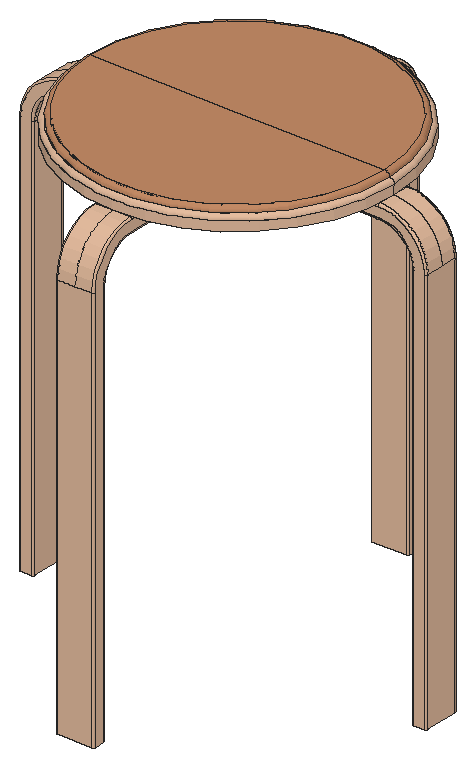
Revit family "Furniture_Stools_Sjobergs_Stool", category Furniture, Revit 2017
Family settings
  OmniClass Number = 23.40.20.14.14.11
  OmniClass Title = Chairs
  Work Plane-Based = No
  Always vertical = Yes
  Cut with Voids When Loaded = No
  Shared = No
  Room Calculation Point = No
Parameters (values of type "33520 Stool")
  Weight = "3.0 kg"
  WarrantyStartDate [instance] = "n/a"
  WarrantyGuarantorParts = "n/a"
  WarrantyGuarantorLabor = "n/a"
  WarrantyDurationUnit = "Year"
  WarrantyDurationParts = "n/a"
  WarrantyDurationLabor = "n/a"
  WarrantyDescription = "n/a"
  VersionDate = "26/06/2020"  # constant formula
  Version = "1"  # constant formula
  Uniclass2015Reference = "Pr_40_50_51_31"
  Uniclass2015Description = "Foot stools"
  Uniclass2 = "Pr_40_50_12_83"
  URL = "https://www.sjobergs.se/sortiment/skola_traslojd/5.php?id=520&cat=8&lang=se&artnr=33520"
  Type Comments = ""
  TagNumber [instance] = "n/a"
  SustainabilityPerformance = "n/a"
  Style = "n/a"
  Size = "430x430x500 mm"
  Shape = "Sculptured"
  SerialNumber [instance] = "n/a"
  SeatingHeight = NominalHeight  # 500 mm
  Revision = "n/a"
  ReplacementCost = "n/a"
  ProductInformation = "n/a"
  NominalLength = 430 mm
  NominalHeight = 500 mm
  NominalDepth = 430 mm
  Name = "Sjobergs_Stool"  # constant formula
  NBSReference = "45-35-20/365"
  NBSDescription = "Domestic chairs"
  ModelReference = "33520"
  ModelNumber = "n/a"
  Material = "Wood, cork."
  ManufacturerURL = "https://www.sjobergs.se/en/"
  ManufacturerName = "Sjöbergs"
  Model = "33520 Stool"
  Manufacturer = ManufacturerName  # "Sjöbergs"
  MainColor = "Wooden"
  LowestSeatingHeight = NominalHeight  # 500 mm
  InstallationDate [instance] = "n/a"
  IfcExportType = "CHAIR"  # constant formula
  IfcExportAs = "IfcFurnishingElementType"  # constant formula
  HighestSeatingHeight = NominalHeight  # 500 mm
  Grade = "n/a"
  Finish = "Solid varnished birch. Seat in cork."
  Features = "Stackable."
  ExpectedLife = "n/a"
  EANNumber = "7316703520107"
  DurationUnit = "Year"
  Cost = 0
  ConvergoRefNr = "0184-2005-0018-SE"  # constant formula
  Constituents = "n/a"
  Color = MainColor  # "Wooden"
  CodePerformance = "n/a"
  ChairSecondaryMaterial = Cork
  ChairMainMaterial = Beech
  Barcode [instance] = "n/a"
  AssetIdentifier [instance] = "n/a"
  Category = "School, woodwork"
  Brand = ManufacturerName  # "Sjöbergs"
  BIMObjectName = "Furniture_Stools_Sjobergs_Stool"  # constant formula
  Author = "Convergo AB"  # constant formula
  AssetType = "Movable"
  AccessibilityPerformance = "n/a"
Reference planes
  plane 1 "Center (Front/Back)": y = 0
  plane 2: z = 0
  plane 3 "Center (Left/Right)": x = 0
  plane 4: z = 500
  plane 5: x = -215
  plane 6: x = 215
  plane 7: y = 215
  plane 8: y = -215
Dimensions and locks
  "NominalHeight": plane 4 to level
  equal spacing: plane 5, plane 3 "Center (Left/Right)", plane 6
  "NominalLength": plane 5 to plane 6
  equal spacing: plane 7, plane 1 "Center (Front/Back)", plane 8
  "NominalDepth": plane 8 to plane 7
  aligned and locked: level to plane 2
Nested families
  nested 1: "33520 Stool" at (0, 0, 0), Main <- "ChairMainMaterial", Secondary <- "ChairSecondaryMaterial", type "33520 Stool"
    with Secondary Cork, Main Beech
Definition of nested family "33520 Stool"
  Parameters (values of type "33520 Stool")
    Secondary [instance] = none
    Main [instance] = none
  Reference planes
    plane 1 "Center (Front/Back)": y = 0
    plane 2: z = 0
    plane 3 "Center (Left/Right)": x = 0
    plane 4: x = -215
    plane 5: y = 215
    plane 6: z = 500
    plane 7: z = 480
    plane 8: x = 215
    plane 9: y = -215
  Forms (mm)
    Revolve 1, solid, material <- "Secondary", detail levels medium+fine
      sketch origin (0, 0, 0) x (1, 0, 0) y (0, 0, 1)
        loop
          line (0, 500) -> (-155, 500)
          arc (-155, 500) -> (-158.536, 498.536) -> (-160, 495) r 5
          line (-160, 495) -> (0, 495) -> (0, 500)
        axis (0, 495) -> (0, 500)
      angle from 0 to 360
    Revolve 2, solid, material <- "Main", detail levels medium+fine
      sketch origin (0, 0, 0) x (1, 0, 0) y (0, 0, 1)
        loop
          line (0, 495) -> (-160, 495)
          arc (-160, 495) -> (-163.536, 493.536) -> (-165, 490) r 5
          line (-165, 490) -> (-165, 480) -> (0, 480) -> (0, 495)
        axis (0, 480) -> (0, 495)
      angle from 0 to 360
    Sweep 3, solid, material <- "Main", detail levels medium+fine
      path origin (0, 0, 0) x (0, 1, 0) y (0, 0, -1)
        loop
          line (-215, 0) -> (-215, -430)
          arc (-215, -430) -> (-200.355, -465.355) -> (-165, -480) r 50
          line (-165, -480) -> (0, -480)
      profile origin (0, -215, 215) x (0, 1, 0) y (-1, 0, 0)
        loop
          line (0, 0) -> (0, -18)
          arc (0, -18) -> (0.586, -19.414) -> (2, -20) r 2
          line (2, -20) -> (13, -20)
          arc (13, -20) -> (14.414, -19.414) -> (15, -18) r 2
          line (15, -18) -> (15, 17.973)
          arc (15, 17.973) -> (14.406, 19.406) -> (12.973, 20) r 2.027
          line (12.973, 20) -> (2, 20)
          arc (2, 20) -> (0.586, 19.414) -> (0, 18) r 2
          line (0, 18) -> (0, 0)
    Extrusion 4, solid, material <- "Main", detail levels coarse
      sketch origin (0, 0, 0) x (1, 0, 0) y (0, 1, 0)
        loop
          line (-215, 215) -> (-215, -215) -> (215, -215) -> (215, 215) -> (-215, 215)
      from 0 to 500
    Sweep 5, solid, material <- "Main", detail levels medium+fine
      path origin (0, 0, 0) x (0, -1, 0) y (0, 0, 1)
        loop
          line (-215, 0) -> (-215, 430)
          arc (-215, 430) -> (-200.355, 465.355) -> (-165, 480) r 50
          line (-165, 480) -> (0, 480)
      profile origin (0, 215, 215) x (0, 1, 0) y (-1, 0, 0)
        loop
          line (0, 0) -> (0, 18)
          arc (0, 18) -> (-0.586, 19.414) -> (-2, 20) r 2
          line (-2, 20) -> (-12.973, 20)
          arc (-12.973, 20) -> (-14.406, 19.406) -> (-15, 17.973) r 2.027
          line (-15, 17.973) -> (-15, -18)
          arc (-15, -18) -> (-14.414, -19.414) -> (-13, -20) r 2
          line (-13, -20) -> (-2, -20)
          arc (-2, -20) -> (-0.586, -19.414) -> (0, -18) r 2
          line (0, -18) -> (0, 0)
    Sweep 6, solid, material <- "Main", detail levels medium+fine
      path origin (0, 0, 0) x (-1, 0, 0) y (0, 0, -1)
        loop
          line (-215, 0) -> (-215, -430)
          arc (-215, -430) -> (-200.355, -465.355) -> (-165, -480) r 50
          line (-165, -480) -> (0, -480)
      profile origin (215, 0, 215) x (-1, 0, 0) y (0, -1, 0)
        loop
          line (0, 0) -> (0, -18)
          arc (0, -18) -> (0.586, -19.414) -> (2, -20) r 2
          line (2, -20) -> (13, -20)
          arc (13, -20) -> (14.414, -19.414) -> (15, -18) r 2
          line (15, -18) -> (15, 17.973)
          arc (15, 17.973) -> (14.406, 19.406) -> (12.973, 20) r 2.027
          line (12.973, 20) -> (2, 20)
          arc (2, 20) -> (0.586, 19.414) -> (0, 18) r 2
          line (0, 18) -> (0, 0)
    Sweep 7, solid, material <- "Main", detail levels medium+fine
      path origin (0, 0, 0) x (1, 0, 0) y (0, 0, 1)
        loop
          line (-215, 0) -> (-215, 430)
          arc (-215, 430) -> (-200.355, 465.355) -> (-165, 480) r 50
          line (-165, 480) -> (0, 480)
      profile origin (-215, 0, 215) x (-1, 0, 0) y (0, -1, 0)
        loop
          line (0, 0) -> (0, 18)
          arc (0, 18) -> (-0.586, 19.414) -> (-2, 20) r 2
          line (-2, 20) -> (-12.973, 20)
          arc (-12.973, 20) -> (-14.406, 19.406) -> (-15, 17.973) r 2.027
          line (-15, 17.973) -> (-15, -18)
          arc (-15, -18) -> (-14.414, -19.414) -> (-13, -20) r 2
          line (-13, -20) -> (-2, -20)
          arc (-2, -20) -> (-0.586, -19.414) -> (0, -18) r 2
          line (0, -18) -> (0, 0)
  Cuts and joins
    joined: Sweep 3, Sweep 5, Sweep 6, Sweep 7
  Lines and regions (mm)
    symbolic lines, detail levels medium+fine
      curve 1: line (-200, 0, 0) -> (-215, 0, 0)
      curve 2: line (-215, 0, 0) -> (-215, 0, 430)
      curve 3: arc (-215, 0, 430) -> (-200.355, 0, 465.355) -> (-165, 0, 480) r 50
      curve 4: arc (-200, 0, 430) -> (-189.749, 0, 454.749) -> (-165, 0, 465) r 35
      curve 5: line (-200, 0, 0) -> (-200, 0, 430)
      curve 6: line (-165, 0, 465) -> (-20, 0, 465)
      curve 9: line (-165, 0, 480) -> (-165, 0, 490)
      curve 10: line (0, 0, 500) -> (-155, 0, 500)
      curve 11: arc (-160, 0, 495) -> (-158.536, 0, 498.536) -> (-155, 0, 500) r 5
      curve 12: arc (-160, 0, 495) -> (-163.536, 0, 493.536) -> (-165, 0, 490) r 5
      curve 14: line (-20, 0, 0) -> (0, 0, 0)
      curve 15: line (-20, 0, 465) -> (-20, 0, 0)
      curve 16: line (200, 0, 0) -> (215, 0, 0)
      curve 17: line (215, 0, 0) -> (215, 0, 430)
      curve 18: arc (215, 0, 430) -> (200.355, 0, 465.355) -> (165, 0, 480) r 50
      curve 19: arc (200, 0, 430) -> (189.749, 0, 454.749) -> (165, 0, 465) r 35
      curve 20: line (200, 0, 0) -> (200, 0, 430)
      curve 21: line (165, 0, 465) -> (20, 0, 465)
      curve 24: line (165, 0, 480) -> (165, 0, 490)
      curve 25: line (0, 0, 500) -> (155, 0, 500)
      curve 26: arc (160, 0, 495) -> (158.536, 0, 498.536) -> (155, 0, 500) r 5
      curve 27: arc (160, 0, 495) -> (163.536, 0, 493.536) -> (165, 0, 490) r 5
      curve 29: line (20, 0, 0) -> (0, 0, 0)
      curve 30: line (20, 0, 465) -> (20, 0, 0)
      curve 31: line (0, 215, 0) -> (0, 215, 430)
      curve 32: line (0, 200, 430) -> (0, 200, 0)
      curve 33: arc (0, 215, 430) -> (0, 200.355, 465.355) -> (0, 165, 480) r 50
      curve 34: arc (0, 200, 430) -> (0, 189.749, 454.749) -> (0, 165, 465) r 35
      curve 37: line (0, 20, 465) -> (0, 165, 465)
      curve 38: arc (0, 160, 495) -> (0, 158.536, 498.536) -> (0, 155, 500) r 5
      curve 39: line (0, 165, 480) -> (0, 165, 490)
      curve 40: arc (0, 160, 495) -> (0, 163.536, 493.536) -> (0, 165, 490) r 5
      curve 41: line (0, 20, 0) -> (0, 0, 0)
      curve 42: line (0, 20, 0) -> (0, 20, 465)
      curve 43: line (0, 215, 0) -> (0, 200, 0)
      curve 45: line (0, 155, 500) -> (0, 0, 500)
      curve 46: line (0, -215, 0) -> (0, -215, 430)
      curve 47: line (0, -200, 430) -> (0, -200, 0)
      curve 48: arc (0, -215, 430) -> (0, -200.355, 465.355) -> (0, -165, 480) r 50
      curve 49: arc (0, -200, 430) -> (0, -189.749, 454.749) -> (0, -165, 465) r 35
      curve 52: line (0, -20, 465) -> (0, -165, 465)
      curve 53: arc (0, -160, 495) -> (0, -158.536, 498.536) -> (0, -155, 500) r 5
      curve 54: line (0, -165, 480) -> (0, -165, 490)
      curve 55: arc (0, -160, 495) -> (0, -163.536, 493.536) -> (0, -165, 490) r 5
      curve 56: line (0, -20, 0) -> (0, 0, 0)
      curve 57: line (0, -20, 0) -> (0, -20, 465)
      curve 58: line (0, -215, 0) -> (0, -200, 0)
      curve 60: line (0, -155, 500) -> (0, 0, 500)
      curve 63: line (-20, 213, 0) -> (-20, 163.783, 0)
      curve 64: line (-18, 215, 0) -> (18, 215, 0)
      curve 65: line (20, 163.783, 0) -> (20, 213, 0)
      curve 66: line (-213, 20, 0) -> (-163.783, 20, 0)
      curve 67: line (-215, 18, 0) -> (-215, -18, 0)
      curve 68: line (-163.783, -20, 0) -> (-213, -20, 0)
      curve 69: line (213, 20, 0) -> (163.783, 20, 0)
      curve 70: line (215, 18, 0) -> (215, -18, 0)
      curve 71: line (163.783, -20, 0) -> (213, -20, 0)
      curve 72: line (-20, -213, 0) -> (-20, -163.783, 0)
      curve 73: line (-18, -215, 0) -> (18, -215, 0)
      curve 74: line (20, -163.783, 0) -> (20, -213, 0)
      curve 75: arc (-20, 163.783, 0) -> (-116.673, 116.673, 0) -> (-163.783, 20, 0) r 165
      curve 77: arc (163.783, 20, 0) -> (116.673, 116.673, 0) -> (20, 163.783, 0) r 165
      curve 79: arc (20, -163.783, 0) -> (116.673, -116.673, 0) -> (163.783, -20, 0) r 165
      curve 81: arc (-163.783, -20, 0) -> (-116.673, -116.673, 0) -> (-20, -163.783, 0) r 165
      curve 82: arc (-20, -213, 0) -> (-19.414, -214.414, 0) -> (-18, -215, 0) r 2
      curve 83: arc (18, -215, 0) -> (19.414, -214.414, 0) -> (20, -213, 0) r 2
      curve 84: arc (213, -20, 0) -> (214.414, -19.414, 0) -> (215, -18, 0) r 2
      curve 85: arc (215, 18, 0) -> (214.414, 19.414, 0) -> (213, 20, 0) r 2
      curve 86: arc (-18, 215, 0) -> (-19.414, 214.414, 0) -> (-20, 213, 0) r 2
      curve 87: arc (18, 215, 0) -> (19.414, 214.414, 0) -> (20, 213, 0) r 2
      curve 88: arc (-213, -20, 0) -> (-214.414, -19.414, 0) -> (-215, -18, 0) r 2
      curve 89: arc (-213, 20, 0) -> (-214.414, 19.414, 0) -> (-215, 18, 0) r 2
    symbolic lines, detail levels fine
      curve 7: line (-165, 0, 480) -> (0, 0, 480)
      curve 8: line (-160, 0, 495) -> (0, 0, 495)
      curve 13: line (-20, 0, 480) -> (-20, 0, 465)
      curve 22: line (165, 0, 480) -> (0, 0, 480)
      curve 23: line (160, 0, 495) -> (0, 0, 495)
      curve 28: line (20, 0, 480) -> (20, 0, 465)
      curve 35: line (0, 0, 495) -> (0, 160, 495)
      curve 36: line (0, 0, 480) -> (0, 165, 480)
      curve 44: line (0, 20, 465) -> (0, 20, 480)
      curve 50: line (0, 0, 495) -> (0, -160, 495)
      curve 51: line (0, 0, 480) -> (0, -165, 480)
      curve 59: line (0, -20, 465) -> (0, -20, 480)
      curve 61: arc (-163.783, 20, 0) -> (-165, 0, 0) -> (-163.783, -20, 0) r 165
      curve 62: circle (0, 0, 0) r 160 normal (0, 0, 1)
      curve 76: arc (20, 163.783, 0) -> (0, 165, 0) -> (-20, 163.783, 0) r 165
      curve 78: arc (163.783, -20, 0) -> (165, 0, 0) -> (163.783, 20, 0) r 165
      curve 80: arc (-20, -163.783, 0) -> (0, -165, 0) -> (20, -163.783, 0) r 165
  Dimensions and locks
    aligned and locked: level to plane 2
    aligned and locked: Extrusion 4 sketch curve to plane 5
    aligned and locked: plane 4 to Extrusion 4 sketch curve
    aligned and locked: Extrusion 4 sketch curve to plane 9
    aligned and locked: plane 8 to Extrusion 4 sketch curve
    aligned and locked: plane 6 to Extrusion 4
